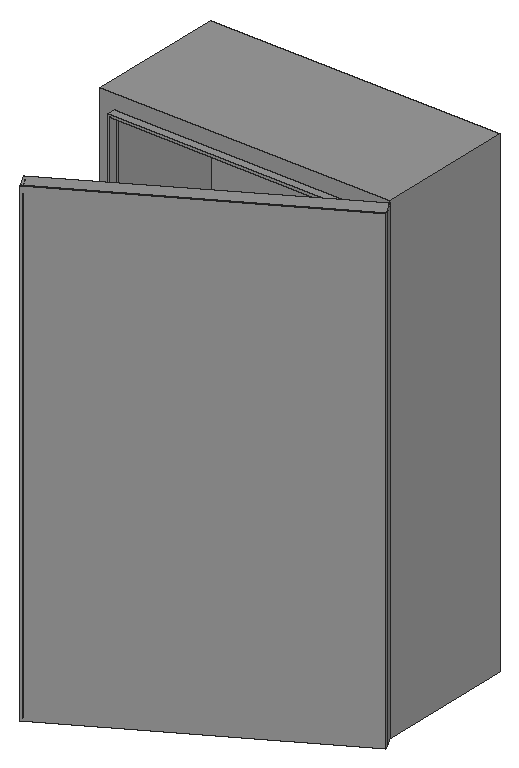
Revit family "Hager-Univers-IP44-D161-3rows-Cl.II-FWB_encl_empty-NoHosted-AT-de", category Equipement électrique, Revit 2020
Family settings
  Configuration du panneau = Deux colonnes, circuits au sein
  Cote de connecteur circulaire = Utiliser le diamètre
  Type d'élément = Tableau de raccordement
  Basée sur le plan de construction = Oui
  Toujours verticalement = Oui
  Couper avec des vides une fois chargée = Non
  Partagée = Non
  Point de calcul de pièce = Non
Parameters (values of type "Aufputz IP44 B300 H500 T161  - FWB31D")
  Width Control [instance] = if([EF000008 - Breite] > Min Width, [EF000008 - Breite], Min Width)  # 300 mm
  Commentaires du type = [HG000003 - Bereich]  # "Univers"
  Thickness Door [instance] = if([EF009171 - Materialstärke Tür/Deckel] > 3 mm, 3 mm, [EF009171 - Materialstärke Tür/Deckel])  # 2 mm
  Seal Frame Offset [instance] = 17 mm  # constant formula
  Plinth Visibility [instance] = [HG000027 - Sockelhöhe] > 0 mm  # no
  Min Width [instance] = 100 mm  # constant formula
  Min Depth [instance] = (2 * [EF009170 - Materialstärke Gehäuse]) + 1 mm  # 5 mm
  Min Height [instance] = 100 mm  # constant formula
  Internal Frame Depth [instance] = (Door System Depth * 0.5)  # 9 mm
  Panel Name [instance] = ""  # (empty or 0)
  Model = ""
  HG000027 - Sockelhöhe = 0 mm
  HG000026 - Stehend auf dem Boden = no
  HG000024 - Höhe des unteren Teils = 600 mm
  HG000023 - Gehäuse mit doppeltem Querschnitt = no
  HG000016 - 3D-Türsichtbarkeit [instance] = yes
  HG000015 - Sichtbarkeit der Türöffnung [instance] = no
  HG000014 - Tür rechts [instance] = yes
  HG000013 - Tür links [instance] = not([HG000014 - Tür rechts])  # no
  HG000012 - Türschwenkwinkel [instance] = 30.00°
  HG000010 - Asymmetrische Türen = no
  HG000009 - Doppelflügeligen Tür = no
  HG000006 - Unterputz = no
  HG000004 - Herstellerreferenz = "FWB31D"
  HG000003 - Bereich = "Univers"
  HG000002 - Mit tür = yes
  Frame Offset Bottom [instance] = 10 mm  # constant formula
  Frame Offset [instance] = 15 mm  # constant formula
  EF015940 - Deckel mit Überdruckentlastung = no
  EF011959 - Schutzart (NEMA) = ""
  EF009554 - Anzahl der Öffnungen für Flanschplatten = 2
  EF009212 - Ausführung Deckel = "EV000116 - geschlossen"
  EF009171 - Materialstärke Tür/Deckel = 2 mm
  EF009170 - Materialstärke Gehäuse = 2 mm
  EF008873 - Nennstrom (In) = 125 A
  EF007800 - Geeignet für Blitzschutz = no
  EF006306 - Mit Schloss = no
  EF006244 - Transparenter Deckel/Tür = no
  EF005474 - Schutzart (IP) = "EV006418 - IP44"
  EF004464 - Art der Tür = "EV002646 - Einzel"
  EF004427 - Anzahl der Module = 36
  EF004293 - Schlagfestigkeit = "EV006815 - IK09"
  EF003532 - Geeignet für Außengebrauch = no
  EF002950 - Breite in Teilungseinheiten = 12
  EF001613 - Funktionserhalt = "EV000494 - ohne"
  EF001596 - Werkstoff des Gehäuses = "EV000179 - Stahl"
  EF001131 - Innentiefe = 156 mm
  EF001088 - Anbaumöglichkeit = yes
  EF000437 - Anzahl der Leitungseinführungen = 4
  EF000339 - Art der Abdeckung = "EV004216 - Tür"
  EF000266 - Anzahl der Reihen = 0
  EF000218 - Einbautiefe = 0 mm
  EF000118 - Mit Montageplatte = no
  EF000116 - RAL-Nummer = "9010"
  EF000049 - Tiefe = 161 mm
  EF000040 - Höhe = 500 mm
  EF000008 - Breite = 300 mm
  EF000007 - Farbe = "EV000202 - weiß"
  EF000003 - Montageart = "EV000384 - Aufputz"
  Door System Leaf Tolerance [instance] = 1.5 mm  # constant formula
  Door System Depth [instance] = 18 mm  # constant formula
  Door Height [instance] = Height Control - [HG000027 - Sockelhöhe]  # 500 mm
  Description = ""
  Default Elevation = 1219.2 mm
  Connector Offset [instance] = Height Control / 2  # 250 mm
  Fabricant = "Hager"  # constant formula
  Height Control [instance] = if([EF000040 - Höhe] > Min Height, [EF000040 - Höhe], Min Height)  # 500 mm
  Depth Control [instance] = if([EF000049 - Tiefe] > Min Depth, [EF000049 - Tiefe], Min Depth)  # 161 mm
  Bottom Top Plate Trim [instance] = 1.5 mm  # constant formula
  Plinth height Ctrl [instance] = if([HG000027 - Sockelhöhe] > 0 mm, [HG000027 - Sockelhöhe], 12 mm)  # 12 mm
Reference planes
  plane 1 "Center (Front/Back)": y = 0
  plane 2: z = 0
  plane 3 "Center (Left/Right)": x = 0
  plane 4: y = 0
  plane 5: y = 0
  plane 6: z = 0
  plane 7: x = -150
  plane 8: x = 150
  plane 9: x = 148
  plane 10: x = -148
  plane 11: z = 0
  plane 12: z = 2
  plane 13: y = -161
  plane 14: y = -2
  plane 15: x = 0
  plane 16: y = -143
  plane 17: y = -159
  plane 18: y = -141
  plane 19: x = -133
  plane 20: x = 133
  plane 21: z = 12
  plane 22: x = -133
  plane 23: x = 133
  plane 24: z = 0
  plane 25: z = 500
  plane 26: z = 500
  plane 27: z = 483
  plane 28: z = 498
Forms (mm)
  Extrusion 1, solid, material "Hager_Steel_RAL7035_Light_Grey", detail levels medium+fine
    sketch origin (-208.679, -4572, 0) x (-1, 0, 0) y (0, -1, 0)
      loop
        line (-58.679, -4429) -> (-358.679, -4429) -> (-358.679, -4572) -> (-58.679, -4572) -> (-58.679, -4429)
    from 0 to 500
  Extrusion 2, void
    sketch origin (-350.771, -161, 1219.2) x (1, 0, 0) y (0, 0, 1)
      loop
        line (202.771, -721.2) -> (202.771, -1217.2) -> (498.771, -1217.2) -> (498.771, -721.2) -> (202.771, -721.2)
    from -20 to -159
  Extrusion 3, void
    sketch origin (-290.084, -143, 1219.2) x (1, 0, 0) y (0, 0, 1)
      loop
        line (157.084, -1207.2) -> (423.084, -1207.2) -> (423.084, -736.2) -> (157.084, -736.2) -> (157.084, -1207.2)
    from 0 to -2
  Extrusion 4, solid, material "Hager_Steel_RAL7035_Light_Grey", visible <- "Plinth Visibility", detail levels medium+fine
    sketch origin (0, 0, 0) x (1, 0, 0) y (0, 1, 0)
      loop
        line (-150, 0) -> (-150, -143) -> (150, -143) -> (150, 0) -> (-150, 0)
    from 0 to 12 <- "Plinth height Ctrl"
  Extrusion 5, solid, material "Hager_Steel_RAL7035_Light_Grey", detail levels coarse
    sketch origin (0, 0, 0) x (1, 0, 0) y (0, 1, 0)
      loop
        line (-150, 0) -> (-150, -161) -> (150, -161) -> (150, 0) -> (-150, 0)
    from 0 to 500 <- "Height Control"
  Sweep 6, void
    path in 3D
      loop
        line (-150, -143, 12) -> (150, -143, 12) -> (150, 0, 12) -> (-150, 0, 12) -> (-150, -143, 12)
    profile origin (-150, -71.5, 12) x (1, 0, 0) y (0, 0, 1)
      loop
        line (0, 0) -> (0, -1.5) -> (1.5, -1.5)
        arc (1.5, -1.5) -> (1.061, -0.439) -> (0, 0) r 1.5
  Extrusion 7, solid, material "Hager_Steel_RAL7035_Light_Grey", detail levels fine
    sketch origin (-150, -143, 0) x (1, 0, 0) y (0, 0, 1)
      loop
        line (17, 12) -> (283, 12) -> (283, 483) -> (17, 483) -> (17, 12)
      loop
        line (15, 10) -> (285, 10) -> (285, 485) -> (15, 485) -> (15, 10)
    from 0 to 9 <- "Internal Frame Depth"
Cuts and joins
  Extrusion 2, Extrusion 3 cuts Extrusion 1
  Sweep 6 cuts Extrusion 4
Lines and regions (mm)
  Masking region 1
    outline origin (0, 0, 0) x (1, 0, 0) y (0, 1, 0)
      loop
        line (-150, 0) -> (-150, -161) -> (150, -161) -> (150, 0) -> (-150, 0)
  Masking region 2, detail levels coarse
    outline origin (-290.084, -143, 1219.2) x (-1, 0, 0) y (0, 0, 1)
      loop
        line (-440.084, -1219.2) -> (-140.084, -1219.2) -> (-140.084, -719.2) -> (-440.084, -719.2) -> (-440.084, -1219.2)
  Masking region 3, detail levels coarse
    outline origin (0, 0, 0) x (0, 1, 0) y (0, 0, 1)
      loop
        line (0, 0) -> (0, 500) -> (-161, 500) -> (-161, 0) -> (0, 0)
  Masking region 4, visible <- "Plinth Visibility", detail levels medium+fine
    outline origin (0, 0, 0) x (0, 1, 0) y (0, 0, 1)
      loop
        line (-1.5, 12) -> (-141.5, 12)
        arc (-141.5, 12) -> (-141.939, 10.939) -> (-143, 10.5) r 1.5
        line (-143, 10.5) -> (-143, 0) -> (0, 0) -> (0, 10.5)
        arc (0, 10.5) -> (-1.061, 10.939) -> (-1.5, 12) r 1.5
  Masking region 5, detail levels medium+fine
    outline origin (0, 0, 594.038) x (0, 1, 0) y (0, 0, 1)
      loop
        line (0, -594.038) -> (0, -94.038) -> (-143, -94.038) -> (-143, -594.038) -> (0, -594.038)
  Masking region 6, detail levels medium+fine
    outline origin (-359.7, -143, 1211.883) x (-1, 0, 0) y (0, 0, 1)
      loop
        line (-509.7, -1211.883) -> (-209.7, -1211.883) -> (-209.7, -711.883) -> (-509.7, -711.883) -> (-509.7, -1211.883)
  Masking region 7, visible <- "Plinth Visibility", detail levels medium+fine
    outline origin (-320.334, -143, 1041.368) x (-1, 0, 0) y (0, 0, 1)
      loop
        line (-470.334, -1041.368) -> (-170.334, -1041.368) -> (-170.334, -1030.868)
        arc (-170.334, -1030.868) -> (-171.394, -1030.429) -> (-171.834, -1029.368) r 1.5
        line (-171.834, -1029.368) -> (-468.834, -1029.368)
        arc (-468.834, -1029.368) -> (-469.273, -1030.429) -> (-470.334, -1030.868) r 1.5
        line (-470.334, -1030.868) -> (-470.334, -1041.368)
  sketch lines
    curve 1: line (-150, 0, 12) -> (-150, -143, 12)
    curve 2: line (-150, -143, 12) -> (150, -143, 12)
    curve 3: line (150, 0, 12) -> (-150, 0, 12)
    curve 4: line (150, -143, 12) -> (150, 0, 12)
Dimensions and locks
  locked: plane 1 "Center (Front/Back)" to plane 5
  "EF009170 - Materialstärke Gehäuse": plane 7 to plane 10
  "EF009170 - Materialstärke Gehäuse": plane 8 to plane 9
  equal spacing: plane 7, plane 3 "Center (Left/Right)", plane 8
  "Width Control": plane 7 to plane 8
  "Depth Control": plane 4 to plane 13
  "EF009170 - Materialstärke Gehäuse": plane 4 to plane 14
  "Height Control": plane 25 to level
  "HG000027 - Sockelhöhe": plane 11 to level
  "EF009170 - Materialstärke Gehäuse": plane 12 to plane 11
  "EF009170 - Materialstärke Gehäuse": plane 17 to plane 13
  "EF009170 - Materialstärke Gehäuse": plane 18 to plane 16
  "Frame Offset Bottom": plane 21 to plane 12
  "Frame Offset": plane 10 to plane 19
  "Frame Offset": plane 9 to plane 20
  "Door System Depth": plane 16 to plane 13
  "Seal Frame Offset": plane 7 to plane 22
  "Seal Frame Offset": plane 8 to plane 23
  "EF009170 - Materialstärke Gehäuse": plane 26 to plane 28
  "Frame Offset": plane 28 to plane 27
  "Connector Offset": plane 2 to connector elem
  "Bottom Top Plate Trim": profile plane to Sweep 6 sketch curve
  "Bottom Top Plate Trim": Sweep 6 sketch curve to Sweep 6 sketch curve
  "Plinth height Ctrl": Masking region 4 sketch curve to level
  "Plinth height Ctrl": Masking region 7 sketch curve to level
  "Thickness Door": Extrusion 7 sketch curve to Extrusion 7 sketch curve  (x4)
  "Bottom Top Plate Trim": radius of Sweep 6 sketch curve
  "Bottom Top Plate Trim": radius of Masking region 4 sketch curve  (x2)
  "Bottom Top Plate Trim": radius of Masking region 7 sketch curve  (x2)
  aligned and locked: plane 12 to Extrusion 2 sketch curve
  aligned and locked: Extrusion 2 sketch curve to plane 9
  aligned and locked: Extrusion 2 sketch curve to plane 10
  aligned and locked: plane 14 to Extrusion 2
  aligned and locked: plane 4 to Extrusion 1 sketch curve
  aligned and locked: plane 8 to Extrusion 1 sketch curve
  aligned and locked: plane 7 to Extrusion 1 sketch curve
  aligned and locked: Extrusion 2 to plane 18
  aligned and locked: plane 19 to Extrusion 3 sketch curve
  aligned and locked: plane 20 to Extrusion 3 sketch curve
  aligned and locked: Extrusion 3 to Extrusion 2
  aligned and locked: Extrusion 3 sketch curve to plane 21
  aligned and locked: plane 3 "Center (Left/Right)" to nested 1
  aligned and locked: Extrusion 1 sketch curve to plane 16
  aligned and locked: Extrusion 4 sketch curve to cut or joined group of Extrusion 1, Extrusion 2, Extrusion 3
  aligned and locked: Masking region 1 sketch curve to plane 7
  aligned and locked: Masking region 1 sketch curve to plane 5
  aligned and locked: Masking region 1 sketch curve to plane 8
  aligned and locked: Masking region 2 sketch curve to level
  aligned and locked: level to Masking region 3 sketch curve
  aligned and locked: plane 1 "Center (Front/Back)" to Masking region 3 sketch curve
  aligned and locked: plane 13 to Masking region 3 sketch curve
  aligned and locked: plane 5 to Masking region 4 sketch curve
  aligned and locked: Masking region 2 sketch curve to plane 8
  aligned and locked: Masking region 2 sketch curve to plane 7
  aligned and locked: plane 7 to nested 2
  aligned and locked: nested 2 to plane 5
  aligned and locked: plane 5 to Masking region 5 sketch curve
  aligned and locked: plane 26 to Masking region 5 sketch curve
  aligned and locked: Extrusion 5 sketch curve to plane 8
  aligned and locked: Extrusion 5 sketch curve to plane 7
  aligned and locked: Extrusion 5 sketch curve to plane 5
  aligned and locked: plane 27 to Extrusion 3 sketch curve
  aligned and locked: Extrusion 2 sketch curve to plane 28
  aligned and locked: Masking region 2 to plane 25
  aligned and locked: Extrusion 4 to plane 16
  aligned and locked: profile plane to Sweep 6 sketch curve
  aligned and locked: Masking region 5 sketch curve to plane 24
  aligned and locked: level to Masking region 4 sketch curve
  aligned and locked: Masking region 1 to plane 13
  aligned and locked: nested 1 to plane 16
  aligned and locked: Masking region 3 to plane 25
  aligned and locked: plane 16 to Masking region 4 sketch curve
  aligned and locked: Masking region 5 sketch curve to plane 16
  aligned and locked: plane 24 to plane 11
  aligned and locked: plane 26 to plane 25
  aligned and locked: plane 26 to cut or joined group of Extrusion 1, Extrusion 2, Extrusion 3
  aligned and locked: nested 1 to plane 24
  aligned and locked: Extrusion 1 to Extrusion 3
  aligned and locked: Masking region 6 sketch curve to plane 8
  aligned and locked: plane 24 to Masking region 6 sketch curve
  aligned and locked: Masking region 6 sketch curve to plane 7
  aligned and locked: Masking region 6 sketch curve to plane 26
  aligned and locked: Masking region 7 sketch curve to plane 7
  aligned and locked: level to Masking region 7 sketch curve
  aligned and locked: Masking region 7 sketch curve to plane 8
  aligned and locked: Extrusion 7 sketch curve to cut or joined group of Extrusion 1, Extrusion 2, Extrusion 3  (x4)
Automatic sketch dimensions
  plane 19 to Extrusion 3 sketch curve = 0 mm
  Extrusion 3 sketch curve to plane 20 = 0 mm
  Extrusion 3 sketch curve to plane 21 = 0 mm
  Extrusion 4 sketch curve to plane 7 = 0 mm
  Extrusion 4 sketch curve to plane 8 = 0 mm
  Extrusion 4 sketch curve to plane 16 = 0 mm
  Masking region 1 sketch curve to plane 13 = 0 mm
  Masking region 2 sketch curve to plane 25 = 0 mm
  Masking region 3 sketch curve to plane 25 = 0 mm
  Extrusion 5 sketch curve to plane 13 = 0 mm
  profile plane to Sweep 6 sketch curve = 0 mm
Nested families
  nested 1: "EC000058_Univers_Door" at (0, -143, 0), Double <- "HG000009 - Doppelflügeligen Tür", Transparent <- "EF006244 - Transparenter Deckel/Tür", Angle <- "HG000012 - Türschwenkwinkel", Door_Right <- "HG000014 - Tür rechts", Assymetrical <- "HG000010 - Asymmetrische Türen", Door <- "HG000002 - Mit tür", Width_Ctrl <- "Width Control", 3d_Door <- "HG000016 - 3D-Türsichtbarkeit", Clearance <- "HG000015 - Sichtbarkeit der Türöffnung", Door_Left <- "HG000013 - Tür links", Width <- "Width Control", Door_Depth <- "Door System Depth", Leaf_Tolerance <- "Door System Leaf Tolerance", Height <- "Door Height", Lock_Visibility <- "EF006306 - Mit Schloss", Thickness <- "Thickness Door", type "EC000058_Univers_Door", detail levels medium+fine
    with min_wh 5 mm, Width_Ctrl 300 mm, Width 300 mm, Transparent no, Thickness 2 mm, Seal_Material Hager_Rubber, Lock_Visibility no, Lock_Material Hager_Plastic_RAL9005_Jet_Black, Leaf_Width 300 mm, Leaf_Tolerance_External_Sides 0 mm, Leaf_Tolerance 1.5 mm, Leaf_Offset 0 mm, Leaf_Height 497 mm, Leaf_2_Width 300 mm, Leaf_2_Offset 150 mm, Leaf_1_Width 300 mm, Leaf_1_Offset 150 mm, Height_Ctrl 500 mm, Height 500 mm, Glass_Material Hager_Glass, Double_Clearance_Ctrl no, Double no, Door_Right_Ctrl yes, Door_Right yes, Door_Material Hager_Steel_RAL7035_Light_Grey, Door_Left_Ctrl no, Door_Left no, Door_Depth 18 mm, Door yes, Clearance_Material Hager_Clearance, Clearance_Depth 300 mm, Clearance_Ctrl no, Clearance no, Assymetrical no, Angle 30.00°, 3d_Door yes
  nested 2: "Hager_Enclosure_Symbol" at (-150, 0, 0), Height <- "Depth Control", Width <- "Width Control", type "Hager_Enclosure_Symbol"
    with Width_Ctrl 300 mm, Width 300 mm, Height_Ctrl 161 mm, Height 161 mm, A_Width_Int 10.566 mm, A_Width 126.788 mm, A_Height_Ctrl 140.875 mm, A_Height 140.875 mm
Connectors
  electrical at (0, 0, 250)
    settings: on plane 1 "Center (Front/Back)", index 1, voltage 0 V, apparent load 0 VA, apparent load phase1 0 VA, apparent load phase2 0 VA, apparent load phase3 0 VA, power factor 1, load classification "Other", number of poles 1, system type 30, power factor state 1, is connector primary yes, connector utility no, sub classification motor no, connector description ""
Definition of nested family "EC000058_Univers_Door"
  Parameters (values of type "EC000058_Univers_Door")
    min_wh [instance] = (2 * Thickness) + 1 mm  # 11 mm
    Width_Ctrl [instance] = 400 mm
    Width [instance] = 500 mm
    Transparent [instance] = yes
    Thickness [instance] = 5 mm
    Seal_Material [instance] = none
    Lock_Visibility [instance] = yes
    Lock_Material [instance] = none
    Leaf_Width [instance] = if((Width_Ctrl - 2 * Leaf_Tolerance_External_Sides) > 0 mm, (Width_Ctrl - 2 * Leaf_Tolerance_External_Sides), min_wh)  # 400 mm
    Leaf_Tolerance_External_Sides [instance] = 0 mm  # constant formula
    Leaf_Tolerance [instance] = 1.5 mm
    Leaf_Offset [instance] = 0 mm  # constant formula
    Leaf_Height [instance] = if((Height_Ctrl - 2 * Leaf_Tolerance) > 0 mm, (Height_Ctrl - 2 * Leaf_Tolerance), min_wh)  # 497 mm
    Leaf_2_Width [instance] = if(and(and(Double, Assymetrical), Door_Left), (Leaf_Width / 3) - (Leaf_Tolerance / 2), if(and(and(Double, Assymetrical), Door_Right), (Leaf_Width / 3) * 2 - (Leaf_Tolerance / 2), if(and(Double, not(Assymetrical)), (Leaf_Width / 2) - Leaf_Tolerance, Leaf_Width)))  # 400 mm
    Leaf_2_Offset [instance] = if(and(Double, Assymetrical), Leaf_2_Width / 2, if(and(Double, not(Assymetrical)), Leaf_Width / 4, Leaf_Width / 2))  # 200 mm
    Leaf_1_Width [instance] = if(and(and(Double, Assymetrical), Door_Right), (Leaf_Width / 3) - (Leaf_Tolerance / 2), if(and(and(Double, Assymetrical), Door_Left), (Width / 3) * 2 - (Leaf_Tolerance / 2), if(and(Double, not(Assymetrical)), (Leaf_Width / 2) - Leaf_Tolerance, Leaf_Width)))  # 400 mm
    Leaf_1_Offset [instance] = if(and(Double, Assymetrical), Leaf_1_Width / 2, if(and(Double, not(Assymetrical)), Leaf_Width / 4, Leaf_Width / 2))  # 200 mm
    Height_Ctrl [instance] = if(Height > min_wh, Height, min_wh)  # 500 mm
    Height [instance] = 500 mm
    Glass_Material [instance] = none
    Double_Clearance_Ctrl [instance] = and(Double, Clearance)  # no
    Double [instance] = no
    Door_Right_Ctrl [instance] = and(or(Door_Right, Double), Door)  # yes
    Door_Right [instance] = yes
    Door_Material [instance] = none
    Door_Left_Ctrl [instance] = and(or(Door_Left, Double), Door)  # no
    Door_Left [instance] = no
    Door_Depth [instance] = 30 mm
    Door [instance] = yes
    Default Elevation = 1219.2 mm
    Clearance_Material [instance] = none
    Clearance_Depth [instance] = if(Leaf_1_Width > Leaf_2_Width, Leaf_1_Width, Leaf_2_Width)  # 400 mm
    Clearance_Ctrl [instance] = and(not(Double), Clearance)  # yes
    Clearance [instance] = yes
    Assymetrical [instance] = yes
    Angle [instance] = 30.00°
    3d_Door [instance] = yes
  Reference planes
    plane 1 "Center (Front/Back)": y = 0
    plane 2 "Bottom": z = 0
    plane 3 "Center (Left/Right)": x = 0
    plane 4: z = 500
    plane 5: x = -200
    plane 6: x = 200
    plane 7: z = 500
    plane 8: x = -200
    plane 9: z = 0
    plane 10: x = 200
    plane 11: y = 0
    plane 12: z = 1.5
    plane 13: x = -600
    plane 14: y = -400
    plane 15: x = 600
    plane 16: x = 0
    plane 17: x = 0
    plane 18: x = -200
    plane 19: x = 200
    plane 20: z = 498.5
  Forms (mm)
    Extrusion 1, solid, material <- "Clearance_Material", visible <- "Double_Clearance_Ctrl"
      sketch origin (1200, 0, 0) x (1, 0, 0) y (0, 0, -1)
        loop
          line (-1800, -498.5) -> (-600, -498.5) -> (-600, 0) -> (-1800, 0) -> (-1800, -498.5)
      from 0 to -400
  Dimensions and locks
    equal spacing: plane 5, plane 3 "Center (Left/Right)", plane 6
    "Width_Ctrl": plane 5 to plane 6
    "Leaf_Offset": plane 5 to plane 8
    "Leaf_Offset": plane 6 to plane 10
    "Leaf_Offset": plane 9 to level
    "Leaf_Offset": plane 4 to plane 7
    "Height_Ctrl": plane 4 to level
    "Leaf_Tolerance": plane 12 to plane 9
    locked: plane 11 to plane 1 "Center (Front/Back)"
    "Leaf_1_Offset": plane 18 to plane 16
    "Leaf_2_Offset": plane 17 to plane 19
    "Leaf_1_Width": plane 13 to plane 8
    "Leaf_2_Width": plane 10 to plane 15
    "Clearance_Depth": plane 14 to plane 1 "Center (Front/Back)"
    "Leaf_Tolerance_External_Sides": plane 8 to plane 18
    "Leaf_Tolerance_External_Sides": plane 19 to plane 10
    "Leaf_Tolerance": plane 7 to plane 20
    aligned and locked: level to plane 2 "Bottom"
    aligned and locked: nested 1 to plane 16
    aligned and locked: nested 2 to plane 17
    aligned and locked: Extrusion 1 to plane 13
    aligned and locked: plane 15 to Extrusion 1
    aligned and locked: Extrusion 1 to plane 14
    aligned and locked: plane 12 to nested 1
    aligned and locked: nested 2 to plane 12
    aligned and locked: Extrusion 1 to plane 11
    aligned and locked: plane 20 to Extrusion 1
    aligned and locked: nested 2 to plane 11
    aligned and locked: nested 1 to plane 11
  Automatic sketch dimensions
    Extrusion 1 sketch curve to level = 0 mm
    plane 5 to Extrusion 1 sketch curve = 400 mm
    plane 6 to Extrusion 1 sketch curve = 400 mm
    Extrusion 1 sketch curve to plane 4 = 1.5 mm
  Nested families
    nested 1: "EC000058_Univers_Door_Leaf" at (0, 0, 1.5), Width <- "Leaf_1_Width", visible <- "Door_Left_Ctrl", Leaf_Height <- "Leaf_Height", Angle <- "Angle", 3d_Door <- "3d_Door", Transparent <- "Transparent", Clearance Material <- "Clearance_Material", Clearance <- "Clearance_Ctrl", Door_Material <- "Door_Material", Glass_Material <- "Glass_Material", Door_Depth <- "Door_Depth", Lock_Material <- "Lock_Material", Seal_Material <- "Seal_Material", Lock_Visibility <- "Lock_Visibility", Thickness <- "Thickness", type "EC000058_Univers_Door_Leaf"
      with Width 400 mm, Transparent_Glass_Offset 30 mm, Transparent_Ctrl yes, Transparent yes, Thickness 5 mm, Standard no, Seal_Material none, Seal_D2 8 mm, Seal_D1 1 mm, Offset_Internal_Frame 10 mm, Lock_Width 20 mm, Lock_Visibility_3d yes, Lock_Visibility yes, Lock_Thickness_3 3 mm, Lock_Thickness_2 1 mm, Lock_Thickness_1 3 mm, Lock_Radius_Offset_2 16 mm, Lock_Radius_Offset_1 15 mm, Lock_Radius_2 5 mm, Lock_Radius 6 mm, Lock_Offset 5 mm, Lock_Material none, Lock_Height 80 mm, Lock_Cover_Top_Offset_2d 17 mm, Lock_Cover_Height -65 mm, Leaf_Height 497 mm, Internal_Seal_Thickness 8 mm, Internal_Seal_Depth_2 4.5 mm, Internal_Frame_Depth 25 mm, Glass_Thickness -1 mm, Glass_Offset -2 mm, Glass_Material none, Door_Material none, Door_Depth 30 mm, Clearance Material none, Clearance yes, Angle_Ctrl 30.00°, Angle 30.00°, 3d_Door yes
    nested 2: "EC000058_Univers_Door_Leaf" at (0, 0, 1.5) x (-1, 0, 0) z (0, 0, 1), Width <- "Leaf_2_Width", visible <- "Door_Right_Ctrl", Leaf_Height <- "Leaf_Height", Angle <- "Angle", 3d_Door <- "3d_Door", Transparent <- "Transparent", Clearance Material <- "Clearance_Material", Clearance <- "Clearance_Ctrl", Door_Material <- "Door_Material", Glass_Material <- "Glass_Material", Door_Depth <- "Door_Depth", Lock_Material <- "Lock_Material", Seal_Material <- "Seal_Material", Lock_Visibility <- "Lock_Visibility", Thickness <- "Thickness", type "EC000058_Univers_Door_Leaf"
      with Width 400 mm, Transparent_Glass_Offset 30 mm, Transparent_Ctrl yes, Transparent yes, Thickness 5 mm, Standard no, Seal_Material none, Seal_D2 8 mm, Seal_D1 1 mm, Offset_Internal_Frame 10 mm, Lock_Width 20 mm, Lock_Visibility_3d yes, Lock_Visibility yes, Lock_Thickness_3 3 mm, Lock_Thickness_2 1 mm, Lock_Thickness_1 3 mm, Lock_Radius_Offset_2 16 mm, Lock_Radius_Offset_1 15 mm, Lock_Radius_2 5 mm, Lock_Radius 6 mm, Lock_Offset 5 mm, Lock_Material none, Lock_Height 80 mm, Lock_Cover_Top_Offset_2d 17 mm, Lock_Cover_Height -65 mm, Leaf_Height 497 mm, Internal_Seal_Thickness 8 mm, Internal_Seal_Depth_2 4.5 mm, Internal_Frame_Depth 25 mm, Glass_Thickness -1 mm, Glass_Offset -2 mm, Glass_Material none, Door_Material none, Door_Depth 30 mm, Clearance Material none, Clearance yes, Angle_Ctrl 30.00°, Angle 30.00°, 3d_Door yes
  Definition of nested family "EC000058_Univers_Door_Leaf"
    Parameters (values of type "EC000058_Univers_Door_Leaf")
      Width [instance] = 2000 mm
      Transparent_Glass_Offset [instance] = 30 mm
      Transparent_Ctrl [instance] = and(Transparent, [3d_Door])  # yes
      Transparent [instance] = yes
      Thickness [instance] = 5 mm
      Standard [instance] = and(not(Transparent), [3d_Door])  # no
      Seal_Material [instance] = none
      Seal_D2 [instance] = 8 mm  # constant formula
      Seal_D1 [instance] = 1 mm  # constant formula
      Offset_Internal_Frame [instance] = 10 mm  # constant formula
      Lock_Width [instance] = 20 mm  # constant formula
      Lock_Visibility_3d [instance] = and(Lock_Visibility, [3d_Door])  # yes
      Lock_Visibility [instance] = yes
      Lock_Thickness_3 [instance] = 3 mm  # constant formula
      Lock_Thickness_2 [instance] = 1 mm  # constant formula
      Lock_Thickness_1 [instance] = 3 mm  # constant formula
      Lock_Radius_Offset_2 [instance] = Lock_Radius_Offset_1 + 1 mm  # 16 mm
      Lock_Radius_Offset_1 [instance] = 15 mm  # constant formula
      Lock_Radius_2 [instance] = Lock_Radius - 1 mm  # 5 mm
      Lock_Radius [instance] = 6 mm  # constant formula
      Lock_Offset [instance] = 5 mm  # constant formula
      Lock_Material [instance] = none
      Lock_Height [instance] = 80 mm  # constant formula
      Lock_Cover_Top_Offset_2d [instance] = Lock_Radius_Offset_2 + 1 mm  # 17 mm
      Lock_Cover_Height [instance] = -(Lock_Height - Lock_Radius_Offset_1)  # -65 mm
      Leaf_Height [instance] = 2720.336 mm
      Internal_Seal_Thickness [instance] = 8 mm  # constant formula
      Internal_Seal_Depth_2 [instance] = 4.5 mm  # constant formula
      Internal_Frame_Depth [instance] = if(Door_Depth - Thickness > 5 mm, Door_Depth - Thickness, 5 mm)  # 25 mm
      Glass_Thickness [instance] = if(Thickness > 15 mm, Glass_Offset + 10 mm, -1 mm)  # -1 mm
      Glass_Offset [instance] = if(Thickness > 15 mm, -(Thickness + 10 mm) / 2, -2 mm)  # -2 mm
      Glass_Material [instance] = none
      Door_Material [instance] = none
      Door_Depth [instance] = 30 mm
      Default Elevation = 0 mm
      Clearance Material [instance] = none
      Clearance [instance] = yes
      Angle_Ctrl [instance] = if(Angle > 180.00°, 180.00°, Angle)  # 90.00°
      Angle [instance] = 90.00°
      3d_Door [instance] = yes
    Reference planes
      plane 1 "Center (Front/Back)": y = 0
      plane 2: z = 0
      plane 3 "Center (Left/Right)": x = 0
      plane 4: y = 2000
      plane 5: x = -1000
      plane 6: x = 1000
      plane 7: x = -3000
      plane 8: z = 2720.336
      plane 9: z = 30
      plane 10: z = 2690.336
      plane 11: x = 970
      plane 12: x = -970
      plane 13: y = -3
      plane 14: z = 107.833
      plane 15: y = -5
      plane 16: y = -223.314
      plane 17: x = -1000
      plane 18: z = 1360.168
      plane 19: y = 30
    Forms (mm)
      Extrusion 1, solid, material <- "Clearance Material", visible <- "Clearance"
        sketch origin (0, 0, 0) x (1, 0, 0) y (0, 0, 1)
          loop
            line (-3000, 2720.336) -> (-3000, 0) -> (1000, 0) -> (1000, 2720.336) -> (-3000, 2720.336)
        from 0 to -2000
      Extrusion 2, solid, material <- "Door_Material", visible <- "Standard", detail levels medium+fine
        sketch origin (-1000, 0, 0) x (0, 1, 0) y (-1, 0, 0)
          loop
            line (0, 30) -> (0, 25) -> (2000, 25) -> (2000, 30) -> (0, 30)
        from 0 to 2720.336 <- "Leaf_Height"
      Extrusion 3, solid, material <- "Door_Material", visible <- "Transparent_Ctrl", detail levels medium+fine
        sketch origin (-1000, 0, 0) x (0, 1, 0) y (-1, 0, 0)
          loop
            line (0, 25) -> (2000, 25) -> (2000, 30) -> (0, 30) -> (0, 25)
        from 0 to 2720.336 <- "Leaf_Height"
      Extrusion 4, void
        sketch origin (-1025, 2000, 0) x (0, 1, 0) y (0, 0, -1)
          loop
            line (-30, -2690.336) -> (-30, -30) -> (-1970, -30) -> (-1970, -2690.336) -> (-30, -2690.336)
        from 0 to 5 <- "Thickness"
      Sweep 5, solid, material <- "Seal_Material", visible <- "Transparent_Ctrl", detail levels fine
        path in 3D
          loop
            line (-1025, 30, 30) -> (-1025, 30, 2690.336) -> (-1025, 1970, 2690.336) -> (-1025, 1970, 30) -> (-1025, 30, 30)
        profile origin (-1025, 1000, 30) x (1, 0, 0) y (0, 0, 1)
          loop
            line (0, 0) -> (0, -8) -> (1, -8) -> (1, 0) -> (0, 0)
      Extrusion 6, solid, material <- "Glass_Material", visible <- "Transparent_Ctrl", detail levels medium+fine
        sketch origin (-1030, 0, 0) x (0, 1, 0) y (0, 0, -1)
          loop
            line (1970, -2690.336) -> (1970, -30) -> (30, -30) -> (30, -2690.336) -> (1970, -2690.336)
        from -2 <- "Glass_Offset" to -1 <- "Glass_Thickness"
      Extrusion 7, solid, material <- "Door_Material", visible <- "3d_Door", detail levels medium+fine
        sketch origin (-1025, 2000, 0) x (0, -1, 0) y (0, 0, -1)
          loop
            line (0, -2720.336) -> (2000, -2720.336) -> (2000, 0) -> (0, 0) -> (0, -2720.336)
          loop
            line (1995, -5) -> (5, -5) -> (5, -2715.336) -> (1995, -2715.336) -> (1995, -5)
        from 0 to 25 <- "Internal_Frame_Depth"
      Sweep 8, solid, material <- "Seal_Material", visible <- "Transparent_Ctrl", detail levels fine
        path in 3D
          loop
            line (-1025, 0, 0) -> (-1025, 2000, 0) -> (-1025, 2000, 2720.336) -> (-1025, 0, 2720.336) -> (-1025, 0, 0)
        profile origin (-1025, 0, 1360.168) x (1, 0, 0) y (0, 1, 0)
          loop
            line (0, 10) -> (2.975, 10)
            arc (2.975, 10) -> (4.053, 10.447) -> (4.5, 11.525) r 1.525
            line (4.5, 11.525) -> (4.5, 16.527)
            arc (4.5, 16.527) -> (4.069, 17.569) -> (3.027, 18) r 1.473
            line (3.027, 18) -> (0, 18) -> (0, 10)
      Extrusion 9, solid, material <- "Lock_Material", visible <- "Lock_Visibility_3d", detail levels fine
        sketch origin (-1030, 0, 0) x (0, 1, 0) y (0, 0, -1)
          loop
            arc (1993.5, -1400.168) -> (1994.561, -1399.729) -> (1995, -1398.668) r 1.5
            line (1995, -1398.668) -> (1995, -1320.168) -> (1975, -1320.168) -> (1975, -1398.668)
            arc (1975, -1398.668) -> (1975.439, -1399.729) -> (1976.5, -1400.168) r 1.5
            line (1976.5, -1400.168) -> (1993.5, -1400.168)
        from 3 <- "Lock_Thickness_1" to 0
      Blend 10, solid, material <- "Lock_Material", visible <- "Lock_Visibility_3d", detail levels fine
        base sketch origin (-1033, 0, 0) x (0, 1, 0) y (0, 0, -1)
          loop
            line (1975, -1320.168) -> (1975, -1398.668)
            arc (1975, -1398.668) -> (1975.439, -1399.729) -> (1976.5, -1400.168) r 1.5
            line (1976.5, -1400.168) -> (1993.5, -1400.168)
            arc (1993.5, -1400.168) -> (1994.561, -1399.729) -> (1995, -1398.668) r 1.5
            line (1995, -1398.668) -> (1995, -1320.168) -> (1975, -1320.168)
        top sketch origin (-1033, 0, 0) x (0, 1, 0) y (0, 0, -1)
          loop
            line (1976, -1320.168) -> (1976, -1398.668)
            arc (1976, -1398.668) -> (1976.146, -1399.022) -> (1976.5, -1399.168) r 0.5
            line (1976.5, -1399.168) -> (1993.5, -1399.168)
            arc (1993.5, -1399.168) -> (1993.854, -1399.022) -> (1994, -1398.668) r 0.5
            line (1994, -1398.668) -> (1994, -1320.168) -> (1976, -1320.168)
        from 0 to 1 <- "Lock_Thickness_2"
      Blend 11, solid, material <- "Lock_Material", visible <- "Lock_Visibility_3d", detail levels fine
        base sketch origin (-1034, 0, 0) x (0, 1, 0) y (0, 0, -1)
          loop
            line (1978, -1320.168) -> (1978, -1384.168)
            arc (1978, -1384.168) -> (1985, -1391.168) -> (1992, -1384.168) r 7
            line (1992, -1384.168) -> (1992, -1320.168) -> (1978, -1320.168)
        top sketch origin (-1034, 0, 0) x (0, 1, 0) y (0, 0, -1)
          loop
            line (1991, -1320.168) -> (1979, -1320.168) -> (1979, -1383.168)
            arc (1979, -1383.168) -> (1985, -1389.168) -> (1991, -1383.168) r 6
            line (1991, -1383.168) -> (1991, -1320.168)
        from 0 to 3 <- "Lock_Thickness_3"
      Extrusion 12, solid, material <- "Lock_Material", visible <- "Lock_Visibility_3d", detail levels fine
        sketch origin (-1030, 1975, 1320.168) x (1, 0, 0) y (0, -1, 0)
          loop
            line (-7, -19) -> (-7, -1) -> (0, -1) -> (0, 0) -> (-8, 0) -> (-8, -20) -> (0, -20) -> (0, -19) -> (-7, -19)
        from 0 to -65 <- "Lock_Cover_Height"
      Extrusion 13, void
        sketch origin (-1038, 1995, 1320.168) x (-1, 0, 0) y (0, 0, -1)
          loop
            line (-5, -65) -> (0, -65) -> (-5, -60) -> (-5, -65)
        from 0 to 20 <- "Lock_Width"
      Extrusion 14, void
        sketch origin (-1038, 1975, 1320.168) x (0, -1, 0) y (0, 0, -1)
          loop
            circle (-10, -15.995) r 6
          loop
            circle (-10, -15.995) r 5
        from 0 to 2
      Extrusion 15, solid, material <- "Lock_Material", visible <- "Lock_Visibility_3d", detail levels medium
        sketch origin (-1030, 0, 0) x (0, 1, 0) y (0, 0, -1)
          loop
            arc (1993.5, -1400.168) -> (1994.561, -1399.729) -> (1995, -1398.668) r 1.5
            line (1995, -1398.668) -> (1995, -1320.168) -> (1975, -1320.168) -> (1975, -1398.668)
            arc (1975, -1398.668) -> (1975.439, -1399.729) -> (1976.5, -1400.168) r 1.5
            line (1976.5, -1400.168) -> (1993.5, -1400.168)
        from 8 to 0
    Cuts and joins
      Extrusion 4 cuts Extrusion 3
      Extrusion 13, Extrusion 14 cuts Extrusion 9
      Extrusion 14 cuts Blend 11
      Extrusion 13, Extrusion 14 cuts Extrusion 12
      joined: Extrusion 9, Blend 10, Blend 11, Extrusion 12
      Extrusion 14 cuts Extrusion 15
    Lines and regions (mm)
      Masking region 1, visible <- "Lock_Visibility", detail levels fine
        outline origin (0, 0, 0) x (0, 1, 0) y (0, 0, 1)
          loop
            line (30, 1320.168) -> (33, 1320.168) -> (33, 1400.168) -> (30, 1400.168) -> (30, 1320.168)
      Masking region 2, visible <- "Lock_Visibility", detail levels fine
        outline origin (0, 3.143, 0) x (0, 1, 0) y (0, 0, 1)
          loop
            line (29.857, 1354.168) -> (30.857, 1354.168) -> (30.857, 1366.168) -> (29.857, 1366.168) -> (29.857, 1354.168)
      Masking region 3, detail levels medium+fine
        outline origin (0, 0, 0) x (0, 1, 0) y (0, 0, 1)
          loop
            line (0, 0) -> (30, 0) -> (30, 2720.336) -> (0, 2720.336) -> (0, 0)
      Masking region 4, detail levels medium+fine
        outline origin (0, 0, 0) x (1, 0, 0) y (0, 0, 1)
          loop
            line (-1000, 2720.336) -> (-1000, 0) -> (1000, 0) -> (1000, 2720.336) -> (-1000, 2720.336)
      Masking region 5, visible <- "Lock_Visibility", detail levels fine
        outline origin (-47.116, 0, 0) x (1, 0, 0) y (0, 0, 1)
          loop
            arc (1024.616, 1399.168) -> (1023.556, 1398.729) -> (1023.116, 1397.668) r 1.5
            line (1023.116, 1397.668) -> (1023.116, 1320.168) -> (1041.116, 1320.168) -> (1041.116, 1397.668)
            arc (1041.116, 1397.668) -> (1040.677, 1398.729) -> (1039.616, 1399.168) r 1.5
            line (1039.616, 1399.168) -> (1024.616, 1399.168)
      Masking region 6, visible <- "Lock_Visibility", detail levels medium+fine
        outline origin (-25, 0, 0) x (1, 0, 0) y (0, 0, 1)
          loop
            arc (1001.5, 1400.168) -> (1000.439, 1399.729) -> (1000, 1398.668) r 1.5
            line (1000, 1398.668) -> (1000, 1320.168) -> (1020, 1320.168) -> (1020, 1398.668)
            arc (1020, 1398.668) -> (1019.561, 1399.729) -> (1018.5, 1400.168) r 1.5
            line (1018.5, 1400.168) -> (1001.5, 1400.168)
      Masking region 7, visible <- "Lock_Visibility", detail levels fine
        outline origin (-73.735, 0, 0) x (1, 0, 0) y (0, 0, 1)
          loop
            line (1051.735, 1382.168) -> (1065.735, 1382.168) -> (1065.735, 1384.168)
            arc (1065.735, 1384.168) -> (1058.735, 1391.168) -> (1051.735, 1384.168) r 7
            line (1051.735, 1384.168) -> (1051.735, 1382.168)
      Masking region 8, visible <- "Lock_Visibility", detail levels fine
        outline origin (-73.735, 0, 0) x (1, 0, 0) y (0, 0, 1)
          loop
            line (1052.735, 1382.168) -> (1064.735, 1382.168) -> (1064.735, 1383.168)
            arc (1064.735, 1383.168) -> (1058.735, 1389.168) -> (1052.735, 1383.168) r 6
            line (1052.735, 1383.168) -> (1052.735, 1382.168)
      Masking region 9, visible <- "Lock_Visibility", detail levels fine
        outline origin (-25, 0, 0) x (1, 0, 0) y (0, 0, 1)
          loop
            line (1020, 1320.168) -> (1020, 1382.168) -> (1000, 1382.168) -> (1000, 1320.168) -> (1020, 1320.168)
      Masking region 10, detail levels medium+fine
        outline origin (0, 0, 0) x (1, 0, 0) y (0, 0, 1)
          loop
            circle (985, 1335.144) r 6
      Masking region 11, detail levels fine
        outline origin (0, 0, 0) x (1, 0, 0) y (0, 0, 1)
          loop
            circle (985, 1335.144) r 5
      Masking region 12, visible <- "Lock_Visibility", detail levels fine
        outline origin (0, 12.767, 0) x (0, 1, 0) y (0, 0, 1)
          loop
            line (20.233, 1320.168) -> (21.233, 1320.168) -> (21.233, 1399.168) -> (20.233, 1400.168) -> (20.233, 1320.168)
      Masking region 13, visible <- "Lock_Visibility", detail levels fine
        outline origin (0, 13.767, -10) x (0, 1, 0) y (0, 0, 1)
          loop
            line (20.233, 1330.168) -> (23.233, 1330.168) -> (23.233, 1399.168) -> (20.233, 1402.168) -> (20.233, 1330.168)
      Masking region 14, visible <- "Lock_Visibility", detail levels fine
        outline origin (0, 12.767, -10) x (0, 1, 0) y (0, 0, 1)
          loop
            line (20.233, 1330.168) -> (25.233, 1330.168) -> (25.233, 1399.305) -> (20.233, 1394.305) -> (20.233, 1330.168)
      Masking region 15, visible <- "Lock_Visibility", detail levels medium
        outline origin (0, 0, 0) x (0, 1, 0) y (0, 0, 1)
          loop
            line (30, 1320.168) -> (38, 1320.168) -> (38, 1400.168) -> (30, 1400.168) -> (30, 1320.168)
      Masking region 16, visible <- "Lock_Visibility", detail levels fine
        outline origin (-1000, 0, 0) x (0, 1, 0) y (-1, 0, 0)
          loop
            line (1975, 30) -> (1995, 30) -> (1995, 38) -> (1975, 38) -> (1975, 30)
          loop
            line (1979, 37) -> (1976, 37) -> (1976, 34) -> (1978, 34) -> (1979, 37)
          loop
            line (1994, 37) -> (1991, 37) -> (1992, 34) -> (1994, 34) -> (1994, 37)
      Masking region 17, visible <- "Lock_Visibility", detail levels medium
        outline origin (-1000, 0, 0) x (0, 1, 0) y (-1, 0, 0)
          loop
            line (1975, 30) -> (1995, 30) -> (1995, 38) -> (1975, 38) -> (1975, 30)
      symbolic lines
        curve 1: line (1000, 0, 0) -> (-3000, 0, 0)
        curve 2: arc (1000, 0, 0) -> (-1000, 2000, 0) -> (-3000, 0, 0) r 2000
        curve 4: line (-1030, 0, 0) -> (-1030, 2000, 0)
      reference lines
        curve 3: line (-1000, 0, 0) -> (-1000, 2000, 0)
      symbolic lines, detail levels medium+fine
        curve 5: line (-1030, 2000, 0) -> (-1025, 2000, 0)
        curve 7: line (-1025, 0, 0) -> (-1030, 0, 0)
        curve 8: line (-1025, 0, 0) -> (-1000, 0, 0)
        curve 9: line (-1000, 0, 0) -> (-1000, 2000, 0)
        curve 10: line (-1000, 2000, 0) -> (-1025, 2000, 0)
      symbolic lines, detail levels fine
        curve 6: line (-1025, 2000, 0) -> (-1025, 0, 0)
      sketch lines
        curve 11: line (-1025, 0, 2720.336) -> (-1025, 0, 0)
        curve 12: line (-1025, 2000, 0) -> (-1025, 0, 0)
        curve 13: line (-1025, 2000, 2720.336) -> (-1025, 2000, 0)
        curve 14: line (-1025, 0, 2720.336) -> (-1025, 2000, 2720.336)
        curve 15: line (-1025, 1970, 30) -> (-1025, 30, 30)
        curve 16: line (-1025, 30, 30) -> (-1025, 30, 2690.336)
        curve 17: line (-1025, 1970, 2690.336) -> (-1025, 1970, 30)
        curve 18: line (-1025, 30, 2690.336) -> (-1025, 1970, 2690.336)
      symbolic lines, visible <- "Transparent", detail levels medium+fine
        curve 19: line (-970, 0, 2690.336) -> (970, 0, 2690.336)
        curve 20: line (-970, 0, 30) -> (-970, 0, 2690.336)
        curve 21: line (970, 0, 30) -> (-970, 0, 30)
        curve 22: line (970, 0, 2690.336) -> (970, 0, 30)
    Dimensions and locks
      "Width": plane 1 "Center (Front/Back)" to plane 4
      equal spacing: plane 5, plane 3 "Center (Left/Right)", plane 6
      "Width": plane 5 to plane 6
      "Width": plane 7 to plane 5
      "Leaf_Height": plane 8 to level
      "Width": curve 5 to curve 3
      "Width": curve 3 to curve 3
      plane 8 to plane 10 = 30 mm
      plane 9 to level = 30 mm
      plane 12 to plane 5 = 30 mm
      plane 6 to plane 11 = 30 mm
      Extrusion 1 to Extrusion 4 sketch curve = 30 mm
      "Transparent_Glass_Offset": curve 3 to Extrusion 4 sketch curve
      "Transparent_Glass_Offset": Extrusion 4 sketch curve to cut or joined group of Extrusion 3, Extrusion 4  (x2)
      cut or joined group of Extrusion 3, Extrusion 4 to Extrusion 6 sketch curve = 30 mm
      "Transparent_Glass_Offset": cut or joined group of Extrusion 3, Extrusion 4 to Extrusion 4 sketch curve
      "Thickness": curve 6 to curve 4
      "Thickness": Extrusion 7 sketch curve to Extrusion 7 sketch curve  (x4)
      "Door_Depth": curve 4 to curve 3
      "Offset_Internal_Frame": profile plane to Sweep 8 sketch curve
      "Internal_Seal_Thickness": Sweep 8 sketch curve to Sweep 8 sketch curve
      "Internal_Seal_Depth_2": profile plane to Sweep 8 sketch curve
      "Seal_D1": profile plane to Sweep 5 sketch curve
      "Seal_D2": profile plane to Sweep 5 sketch curve
      "Thickness": Extrusion 2 sketch curve to Extrusion 2 sketch curve
      equal spacing: Extrusion 9 sketch curve, plane 18, Extrusion 9 sketch curve  (x2)
      equal spacing: Masking region 1 sketch curve, plane 18, Masking region 1 sketch curve
      "Lock_Height": Masking region 1 sketch curve to Masking region 1 sketch curve
      "Lock_Radius": Masking region 2 sketch curve to plane 18 to Masking region 2 sketch curve
      Masking region 2 sketch curve to Masking region 1 = 1 mm
      "Door_Depth": plane 19 to plane 1 "Center (Front/Back)"
      "Lock_Thickness_1": Masking region 1 sketch curve to plane 19
      "Lock_Width": Extrusion 9 sketch curve to Extrusion 9 sketch curve
      "Lock_Height": Extrusion 9 sketch curve to Extrusion 9 sketch curve
      "Lock_Offset": cut or joined group of Extrusion 3, Extrusion 4 to Extrusion 9 sketch curve
      equal spacing: plane 8, plane 18, level
      "Lock_Radius_Offset_1": Blend 11 sketch curve to Blend 10
      locked: Blend 10 to Blend 11 sketch curve at 2  (x2)
      locked: var sketch to Blend 11 sketch curve at 1  (x2)
      "Lock_Radius_Offset_2": Blend 11 sketch curve to Blend 10
      locked: Extrusion 12 sketch curve to Extrusion 12 sketch curve at 1  (x3)
      Masking region 6 sketch curve to Masking region 6 sketch curve = 80 mm
      "Lock_Height": Masking region 6 sketch curve to Masking region 6 sketch curve
      "Lock_Width": Masking region 6 sketch curve to Masking region 6 sketch curve
      locked: Masking region 6 to Masking region 5 sketch curve at 1  (x3)
      locked: Masking region 5 to Masking region 7 sketch curve at 2  (x2)
      "Lock_Radius_Offset_1": Masking region 5 to Masking region 7 sketch curve
      "Lock_Radius_Offset_2": Masking region 5 to Masking region 8 sketch curve
      locked: Masking region 7 to Masking region 8 sketch curve at 1  (x2)
      "Lock_Cover_Top_Offset_2d": Masking region 5 to Masking region 9 sketch curve
      equal spacing: Masking region 9, Masking region 10 sketch curve, Masking region 9
      equal spacing: Masking region 9, Masking region 11 sketch curve, Masking region 9
      Extrusion 15 sketch curve to Extrusion 15 sketch curve = 80 mm
      "Lock_Width": Extrusion 15 sketch curve to Extrusion 15 sketch curve
      "Lock_Height": Extrusion 15 sketch curve to Extrusion 15 sketch curve
      equal spacing: Extrusion 15 sketch curve, plane 18, Extrusion 15 sketch curve
      "Lock_Thickness_3": Masking region 13 sketch curve to Masking region 13 sketch curve
      "Lock_Height": Masking region 12 sketch curve to Masking region 12 sketch curve
      locked: Masking region 13 sketch curve to Masking region 1 at 8
      locked: Masking region 14 sketch curve to Masking region 13 at 1
      locked: Masking region 14 sketch curve to Masking region 1 at 10.863
      "Lock_Height": Masking region 15 sketch curve to Masking region 15 sketch curve
      "Lock_Offset": Extrusion 15 sketch curve to cut or joined group of Extrusion 3, Extrusion 4
      "Lock_Offset": plane 6 to Masking region 6 sketch curve
      radius of Sweep 8 sketch curve = 1.525 mm
      radius of Sweep 8 sketch curve = 1.473 mm
      radius of Extrusion 9 sketch curve = 1.5 mm  (x2)
      "Lock_Radius": radius of Extrusion 14 sketch curve
      "Lock_Radius_2": radius of Extrusion 14 sketch curve
      "Lock_Radius": radius of Masking region 10 sketch curve
      "Lock_Radius_2": radius of Masking region 11 sketch curve
      radius of Extrusion 15 sketch curve = 1.5 mm  (x2)
      "Angle_Ctrl": angle plane 1 "Center (Front/Back)" to curve 3
      locked: Masking region 12 sketch curve to Masking region 12 sketch curve (angle 45.00°)
      locked: Masking region 13 sketch curve to Masking region 13 sketch curve (angle 45.00°)
      locked: Masking region 14 sketch curve to Masking region 14 sketch curve (angle 45.00°)
      aligned and locked: level to plane 2
      aligned and locked: Extrusion 1 to curve 1
      aligned and locked: plane 6 to Extrusion 1
      aligned and locked: Extrusion 1 to plane 1 "Center (Front/Back)"
      aligned and locked: plane 4 to Extrusion 1
      aligned and locked: plane 8 to Extrusion 1
      aligned and locked: curve 7 to Extrusion 2 sketch curve
      aligned and locked: curve 5 to Extrusion 2 sketch curve
      aligned and locked: curve 7 to Extrusion 3 sketch curve
      aligned and locked: Extrusion 3 sketch curve to curve 4
      aligned and locked: Extrusion 3 sketch curve to curve 6
      aligned and locked: Extrusion 3 sketch curve to curve 5
      aligned and locked: curve 9 to curve 3
      aligned and locked: Extrusion 7 sketch curve to cut or joined group of Extrusion 3, Extrusion 4  (x4)
      aligned and locked: plane 17 to curve 3
      aligned and locked: plane 1 "Center (Front/Back)" to curve 3
      aligned and locked: plane 17 to plane 5
      aligned and locked: Sweep 8 sketch curve to profile plane
      aligned and locked: Sweep 5 sketch curve to profile plane  (x2)
      aligned and locked: Masking region 1 to Masking region 2 sketch curve
      aligned and locked: plane 19 to Masking region 1 sketch curve
      aligned and locked: plane 1 "Center (Front/Back)" to Masking region 3 sketch curve
      aligned and locked: plane 19 to Masking region 3 sketch curve
      aligned and locked: level to Masking region 3 sketch curve
      aligned and locked: Masking region 3 sketch curve to plane 8
      aligned and locked: plane 17 to Masking region 4 sketch curve
      aligned and locked: level to Masking region 4 sketch curve
      aligned and locked: Masking region 4 sketch curve to plane 8
      aligned and locked: plane 12 to curve 20
      aligned and locked: plane 10 to curve 19
      aligned and locked: plane 11 to curve 22
      aligned and locked: curve 21 to plane 9
      aligned and locked: Extrusion 2 sketch curve to cut or joined group of Extrusion 3, Extrusion 4
      aligned and locked: Blend 10 sketch curve to Extrusion 9  (x4)
      aligned and locked: Extrusion 9 to Blend 10 sketch curve
      aligned and locked: Blend 10 to Blend 11 sketch curve
      aligned and locked: Extrusion 12 sketch curve to Blend 11
      aligned and locked: Extrusion 12 sketch curve to Extrusion 9  (x4)
      aligned and locked: Masking region 5 sketch curve to Masking region 6
      aligned and locked: Masking region 9 sketch curve to Masking region 6  (x3)
      aligned and locked: Masking region 12 sketch curve to Masking region 1
      aligned and locked: Masking region 13 sketch curve to Masking region 1
      aligned and locked: Masking region 12 to Masking region 14
      aligned and locked: Masking region 14 sketch curve to Masking region 1
      aligned and locked: Masking region 15 sketch curve to Masking region 14
      aligned and locked: Masking region 13 sketch curve to Masking region 12
      aligned and locked: Masking region 16 sketch curve to cut or joined group of Extrusion 14, Extrusion 15  (x4)
      aligned and locked: Masking region 16 sketch curve to cut or joined group of Extrusion 9, Blend 10, Blend 11, Extrusion 12, Extrusion 13, Extrusion 14  (x6)
      aligned and locked: cut or joined group of Extrusion 9, Blend 10, Blend 11, Extrusion 12, Extrusion 13, Extrusion 14 to Masking region 16 sketch curve
      aligned and locked: Masking region 17 sketch curve to cut or joined group of Extrusion 14, Extrusion 15  (x3)
      aligned and locked: Masking region 17 sketch curve to cut or joined group of Extrusion 9, Blend 10, Blend 11, Extrusion 12, Extrusion 13, Extrusion 14
      aligned and locked: Masking region 9 to Masking region 8 sketch curve
      aligned and locked: Masking region 9 to Masking region 7 sketch curve
    Automatic sketch dimensions
      plane 1 "Center (Front/Back)" to curve 2 = 0 mm
      curve 2 to plane 5 = 0 mm
      Extrusion 1 sketch curve to level = 0 mm
      Extrusion 1 sketch curve to plane 7 = 0 mm
      Extrusion 1 sketch curve to plane 6 = 0 mm
      Extrusion 1 sketch curve to plane 8 = 0 mm
      Extrusion 3 to Extrusion 6 sketch curve = 30 mm  (x4)
      Masking region 4 sketch curve to plane 6 = 0 mm
      Blend 10 sketch curve to Extrusion 9 = 1.5 mm
      Blend 10 sketch curve to Extrusion 9 = 1 mm
      Extrusion 13 sketch curve to Extrusion 12 = 0 mm  (x2)
      Extrusion 12 to Extrusion 13 sketch curve = 3 mm
      Extrusion 13 sketch curve to Extrusion 12 = 5 mm
      Extrusion 14 sketch curve to Extrusion 14 sketch curve = 0 mm  (x2)
      Extrusion 14 sketch curve to Extrusion 12 = 10 mm
      Extrusion 14 sketch curve to Extrusion 12 = 15.995 mm
      Masking region 5 sketch curve to Masking region 5 sketch curve = 1.5 mm  (x2)
      Masking region 10 sketch curve to plane 18 = 25.024 mm
      Masking region 11 sketch curve to plane 18 = 25.024 mm
      plane 19 to Masking region 14 sketch curve = 3 mm
      Masking region 16 sketch curve to Masking region 16 sketch curve = 3 mm
      curve 4 to curve 3 = 0 mm
      Blend 10 to Blend 11 sketch curve = 0 mm
      Masking region 6 sketch curve to Masking region 6 sketch curve = 1.5 mm  (x2)
      Masking region 6 sketch curve to plane 18 = 40 mm
      plane 19 to Masking region 12 sketch curve = 3 mm
      Masking region 12 sketch curve to Masking region 12 sketch curve = 1 mm
      Masking region 15 sketch curve to plane 19 = 0 mm
      Masking region 15 sketch curve to plane 18 = 40 mm
      radius of Blend 10 sketch curve to Extrusion 9 = 1 mm
Definition of nested family "Hager_Enclosure_Symbol"
  Parameters (values of type "Hager_Enclosure_Symbol")
    Width_Ctrl [instance] = if(Width > 1 mm, Width, 1 mm)  # 102.27 mm
    Width [instance] = 102.27 mm
    Height_Ctrl [instance] = if(Height > 1 mm, Height, 1 mm)  # 66.5 mm
    A_Width_Int [instance] = if(A_Width / 12 > 2 mm, A_Width / 12, 2 mm)  # 4.364 mm
    A_Width [instance] = if(A_Height_Ctrl * 0.9 > 2 mm, A_Height_Ctrl * 0.9, 2 mm)  # 52.369 mm
    A_Height_Ctrl [instance] = if(A_Height > 2 mm, A_Height, 2 mm)  # 58.188 mm
    Height [instance] = 66.5 mm
    A_Height [instance] = Height - (Height / 8)  # 58.188 mm
  Reference planes
    plane 1 "Centre (avant/arrière)": y = 0
    plane 2: z = 0
    plane 3 "Centre (gauche/droite)": x = 0
    plane 4: x = 52.369
    plane 5: y = 33.042
    plane 6: y = 41.77
    plane 7: y = 66.5
    plane 8: x = 26.184
    plane 9: y = 37.406
    plane 10: x = 102.27
    plane 11: y = 66.5
    plane 12: y = 8.313
  Lines and regions (mm)
    Filled region 1, type "Solid_Black", in view "Niveau de réf."
      outline origin (0, 0, 0) x (1, 0, 0) y (0, 1, 0)
        loop
          line (52.369, 66.5) -> (33.188, 54.536) -> (45.365, 45.006) -> (52.369, 66.5)
    Filled region 2, type "Solid_Black", in view "Niveau de réf."
      outline origin (0, 0, 0) x (1, 0, 0) y (0, 1, 0)
        loop
          line (0, 0) -> (102.27, 0) -> (102.27, 66.5) -> (0, 0)
    detail lines, in view "Niveau de réf."
      curve 1: line (0, 8.313, 0) -> (26.184, 41.77, 0)
      curve 2: line (26.184, 41.77, 0) -> (26.184, 33.042, 0)
      curve 3: line (26.184, 33.042, 0) -> (52.369, 66.5, 0)
  Dimensions and locks
    "A_Width": plane 3 "Centre (gauche/droite)" to plane 4
    equal spacing: plane 3 "Centre (gauche/droite)", plane 8, plane 4
    equal spacing: plane 6, plane 9, plane 5
    equal spacing: curve 3, Filled region 1 sketch curve, Filled region 1 sketch curve
    "Height_Ctrl": plane 1 "Centre (avant/arrière)" to plane 11
    "A_Height_Ctrl": plane 11 to plane 12
    equal spacing: plane 11, plane 9, plane 12
    "A_Width_Int": plane 6 to plane 9
    "Width_Ctrl": plane 3 "Centre (gauche/droite)" to plane 10
    angle Filled region 1 sketch curve to curve 3 = 20.00°
    angle curve 3 to Filled region 1 sketch curve = 20.00°
    locked: curve 3 to Filled region 1 sketch curve (angle 90.00°)
    aligned and locked: plane 10 to Filled region 2
    aligned and locked: plane 11 to Filled region 2 sketch curve
    aligned and locked: plane 10 to Filled region 2 sketch curve
    aligned and locked: plane 3 "Centre (gauche/droite)" to curve 1
    aligned and locked: plane 12 to curve 1
    aligned and locked: plane 7 to plane 11
  Automatic sketch dimensions
    Filled region 1 sketch curve to plane 4 = 0 mm
    Filled region 1 sketch curve to plane 7 = 0 mm
    plane 1 "Centre (avant/arrière)" to Filled region 2 sketch curve = 0 mm
    Filled region 2 sketch curve to plane 3 "Centre (gauche/droite)" = 0 mm
    curve 2 to plane 6 = 0 mm
    curve 2 to plane 8 = 0 mm
    curve 3 to plane 4 = 0 mm
    curve 2 to plane 5 = 0 mm
    curve 3 to plane 7 = 0 mm
